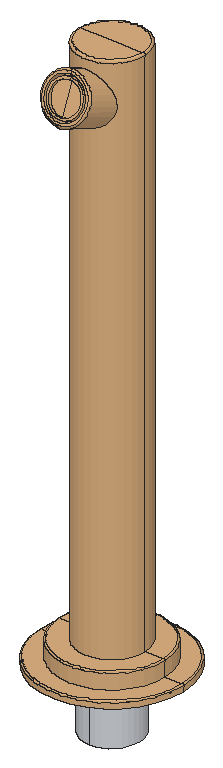
Revit family "Reece_Tap_Sussex_Scala_Wall Bath Outlet", category Plumbing Fixtures, host Face, Revit 2018
Family settings
  Host = Face
  Round Connector Dimension = Use Diameter
  Part Type = Normal
  Cut with Voids When Loaded = No
  Shared = Yes
  Room Calculation Point = Yes
Parameters (values of type "200 mm_Living Tumbled Brass")
  WFU = 0  # constant formula
  URL = "https://www.reece.com.au/product/-2263159"
  Type Comments = "Shower"
  Reece_Tap_Reach = 200 mm
  Reece_Tap_Inlet = 12.5 mm  # constant formula
  Reece_Backplate_Spout_Thickness = 8.5 mm  # constant formula
  Reece_Product_Web Page = "https://www.reece.com.au/product/-2263159"
  Reece_Product_Type = "Tap"  # constant formula
  Reece_Product_Sub Brand = "Scala"  # constant formula
  Reece_Product_Number = "2263159"
  Reece_Product_Mount = "Wall Mounted"  # constant formula
  Reece_Product_Description = "Sussex Scala Bath Wall Outlet 200mm Living Tumbled Brass"
  Reece_Product_Brand = "Sussex"  # constant formula
  Reece_Overall_Projection = 210 mm
  Reece_Material_Main = Reece_Brass_Living Tumbled
  Reece_Detail_Type = "Wall Bath Outlet"  # constant formula
  Reece_Detail_Installation = ""
  Reece_Detail_Connector = ""
  Model = "Scala"
  Manufacturer = "Sussex"
  Keynote = "Product #2263159, Reece_Tap_Sussex_Scala_Wall Bath Outlet - Living Tumbled Brass"
  HWFU = 0  # constant formula
  Disclaimer = "THIS FILE IS THE PROPERTY OF THE REECE GROUP. IT MAY NOT BE REPRODUCED, REVERSE-ENGINEERED OR MODIFIED. ANY REPUBLICATION, TRANSMISSION OR DISTRIBUTION FOR THE PURPOSE OF COMMERCIALLY EXPLOITING THE FILES IS PROHIBITED."
  Description = "Sussex Scala Bath Wall Outlet 200mm Living Tumbled Brass"
  Default Elevation = 1000 mm
  CWFU = 0  # constant formula
Types (18, lengths in mm): name | URL | Reece_Tap_Reach | Reece_Product_Web Page | Reece_Product_Number | Reece_Product_Description | Reece_Overall_Projection | Reece_Material_Main | Keynote | Description
  160 mm_Brushed Gunmetal | "https://www.reece.com.au/product/-2263162" | 160 | "https://www.reece.com.au/product/-2263162" | "2263162" | "Sussex Scala Bath Wall Outlet 160mm Brushed Gunmetal" | 170 | Reece_Brass_Brushed Gunmetal | "Product #2263162, Reece_Tap_Sussex_Scala_Wall Bath Outlet - Brushed Gunmetal" | "Sussex Scala Bath Wall Outlet 160mm Brushed Gunmetal"
  160 mm_Brushed Nickel | "https://www.reece.com.au/product/-2263263" | 160 | "https://www.reece.com.au/product/-2263263" | "2263263" | "Sussex Scala Bath Wall Outlet 160mm Brushed Nickel" | 170 | Reece_Brass_Brushed Nickel | "Product #2263263, Reece_Tap_Sussex_Scala_Wall Bath Outlet - Brushed Nickel" | "Sussex Scala Bath Wall Outlet 160mm Brushed Nickel"
  160 mm_Chrome | "https://www.reece.com.au/product/-2261607" | 160 | "https://www.reece.com.au/product/-2261607" | "2261607" | "Sussex Scala Bath Wall Outlet 160mm Chrome" | 170 | Reece_Brass_Chrome | "Product #2261607, Reece_Tap_Sussex_Scala_Wall Bath Outlet - Chrome" | "Sussex Scala Bath Wall Outlet 160mm Chrome"
  160 mm_Living Tumbled Brass | "https://www.reece.com.au/product/-2263165" | 160 | "https://www.reece.com.au/product/-2263165" | "2263165" | "Sussex Scala Bath Wall Outlet 160mm Living Tumbled Brass" | 170 | Reece_Brass_Living Tumbled | "Product #2263165, Reece_Tap_Sussex_Scala_Wall Bath Outlet - Living Tumbled Brass" | "Sussex Scala Bath Wall Outlet 160mm Living Tumbled Brass"
  160 mm_PVD Brushed Platinum Gold | "https://www.reece.com.au/product/-2268317" | 160 | "https://www.reece.com.au/product/-2268317" | "2268317" | "Sussex Scala Bath Wall Outlet 160mm LUX PVD Brushed Platinum Gold" | 170 | Reece_PVD_Brushed_Platinum Gold | "Product #2268317, Reece_Tap_Sussex_Scala_Wall Bath Outlet - PVD Brushed Platinum Gold" | "Sussex Scala Bath Wall Outlet 160mm LUX PVD Brushed Platinum Gold"
  160 mm_Matte Black | "https://www.reece.com.au/product/-2263163" | 160 | "https://www.reece.com.au/product/-2263163" | "2263163" | "Sussex Scala Bath Wall Outlet 160mm Matte Black" | 170 | Reece_Brass_Matte Black | "Product #2263163, Reece_Tap_Sussex_Scala_Wall Bath Outlet - Matte Black" | "Sussex Scala Bath Wall Outlet 160mm Matte Black"
  160 mm_Satin Chrome | "https://www.reece.com.au/product/-2261652" | 160 | "https://www.reece.com.au/product/-2261652" | "2261652" | "Sussex Scala Bath Wall Outlet 160mm Satin Chrome" | 170 | Reece_Brass_Satin Chrome | "Product #2261652, Reece_Tap_Sussex_Scala_Wall Bath Outlet - Satin Chrome" | "Sussex Scala Bath Wall Outlet 160mm Satin Chrome"
  200 mm_Brushed Gunmetal | "https://www.reece.com.au/product/-2263156" | 200 | "https://www.reece.com.au/product/-2263156" | "2263156" | "Sussex Scala Bath Wall Outlet 200mm Brushed Gunmetal" | 210 | Reece_Brass_Brushed Gunmetal | "Product #2263156, Reece_Tap_Sussex_Scala_Wall Bath Outlet - Brushed Gunmetal" | "Sussex Scala Bath Wall Outlet 200mm Brushed Gunmetal"
  200 mm_Chrome | "https://www.reece.com.au/product/-2261430" | 200 | "https://www.reece.com.au/product/-2261430" | "2261430" | "Sussex Scala Bath Wall Outlet 200mm Chrome" | 210 | Reece_Brass_Chrome | "Product #2261430, Reece_Tap_Sussex_Scala_Wall Bath Outlet - Chrome" | "Sussex Scala Bath Wall Outlet 200mm Chrome"
  200 mm_Living Tumbled Brass | "https://www.reece.com.au/product/-2263159" | 200 | "https://www.reece.com.au/product/-2263159" | "2263159" | "Sussex Scala Bath Wall Outlet 200mm Living Tumbled Brass" | 210 | Reece_Brass_Living Tumbled | "Product #2263159, Reece_Tap_Sussex_Scala_Wall Bath Outlet - Living Tumbled Brass" | "Sussex Scala Bath Wall Outlet 200mm Living Tumbled Brass"
  200 mm_PVD Brushed Platinum Gold | "https://www.reece.com.au/product/-2268318" | 200 | "https://www.reece.com.au/product/-2268318" | "2268318" | "Sussex Scala Bath Wall Outlet 200mm LUX PVD Brushed Platinum Gold" | 210 | Reece_PVD_Brushed_Platinum Gold | "Product #2268318, Reece_Tap_Sussex_Scala_Wall Bath Outlet - PVD Brushed Platinum Gold" | "Sussex Scala Bath Wall Outlet 200mm LUX PVD Brushed Platinum Gold"
  200 mm_Matte Black | "https://www.reece.com.au/product/-2263157" | 200 | "https://www.reece.com.au/product/-2263157" | "2263157" | "Sussex Scala Bath Wall Outlet 200mm Matte Black" | 210 | Reece_Brass_Matte Black | "Product #2263157, Reece_Tap_Sussex_Scala_Wall Bath Outlet - Matte Black" | "Sussex Scala Bath Wall Outlet 200mm Matte Black"
  200 mm_Satin Chrome | "https://www.reece.com.au/product/-2261475" | 200 | "https://www.reece.com.au/product/-2261475" | "2261475" | "Sussex Scala Bath Wall Outlet 200mm Satin Chrome" | 210 | Reece_Brass_Satin Chrome | "Product #2261475, Reece_Tap_Sussex_Scala_Wall Bath Outlet - Satin Chrome" | "Sussex Scala Bath Wall Outlet 200mm Satin Chrome"
  250 mm_Brushed Nickel | "https://www.reece.com.au/product/-2263257" | 250 | "https://www.reece.com.au/product/-2263257" | "2263257" | "Sussex Scala Bath Wall Outlet 250mm Brushed Nickel" | 260 | Reece_Brass_Brushed Nickel | "Product #2263257, Reece_Tap_Sussex_Scala_Wall Bath Outlet - Brushed Nickel" | "Sussex Scala Bath Wall Outlet 250mm Brushed Nickel"
  250 mm_Chrome | "https://www.reece.com.au/product/-2261431" | 250 | "https://www.reece.com.au/product/-2261431" | "2261431" | "Sussex Scala Bath Wall Outlet 250mm Chrome" | 260 | Reece_Brass_Chrome | "Product #2261431, Reece_Tap_Sussex_Scala_Wall Bath Outlet - Chrome" | "Sussex Scala Bath Wall Outlet 250mm Chrome"
  250 mm_PVD Brushed Platinum Gold | "https://www.reece.com.au/product/-2268319" | 250 | "https://www.reece.com.au/product/-2268319" | "2268319" | "Sussex Scala Bath Wall Outlet 250mm LUX PVD Brushed Platinum Gold" | 260 | Reece_PVD_Brushed_Platinum Gold | "Product #2268319, Reece_Tap_Sussex_Scala_Wall Bath Outlet - PVD Brushed Platinum Gold" | "Sussex Scala Bath Wall Outlet 250mm LUX PVD Brushed Platinum Gold"
  250 mm_Satin Chrome | "https://www.reece.com.au/product/-2261476" | 250 | "https://www.reece.com.au/product/-2261476" | "2261476" | "Sussex Scala Bath Wall Outlet 250mm Satin Chrome" | 260 | Reece_Brass_Satin Chrome | "Product #2261476, Reece_Tap_Sussex_Scala_Wall Bath Outlet - Satin Chrome" | "Sussex Scala Bath Wall Outlet 250mm Satin Chrome"
  200 mm_Brushed Nickel | "https://www.reece.com.au/product/-2263256" | 200 | "https://www.reece.com.au/product/-2263256" | "2263256" | "Sussex Scala Bath Wall Outlet 200mm Brushed Nickel" | 210 | Reece_Brass_Brushed Nickel | "Product #2263256, Reece_Tap_Sussex_Scala_Wall Bath Outlet - Brushed Nickel" | "Sussex Scala Bath Wall Outlet 200mm Brushed Nickel"
Reference planes
  plane 1 "Center (Front/Back)": y = 0
  plane 2 "Bottom": z = 0
  plane 3 "Center (Left/Right)": x = 0
  plane 4 "Top": z = 210
  plane 5: z = 200
Forms (mm)
  Revolve 1, solid
    sketch origin (0.015, 0, 8.41) x (0, 1, 0) y (0, 0, 1)
      loop
        line (0, 0) -> (0, -31.025) -> (10.5, -31.025) -> (10.5, -16.87) -> (8.841, -15.708) -> (8.841, -14.208) -> (10.5, -13.046) -> (8.81, -11.863) -> (8.81, -10.363) -> (10.5, -9.179) -> (8.841, -8.018) -> (8.841, -6.518) -> (10.5, -5.356) -> (8.81, -4.173) -> (8.81, -3.183) -> (10.5, -2) -> (10.5, 0) -> (0, 0)
      axis (0, 0) -> (0, -31.025)
    angle from 0 to 360
  Extrusion 2, void
    sketch origin (0, 0, 0) x (1, 0, 0) y (0, 1, 0)
      loop
        circle (0, 0) r 14
    from 0 to -22.615
Text (mm)
  text "Reece Copyright © 2018, Reece Ltd." at (-262.601, -208.779, 0), in view "Ref. Level"
  text "Reece ©" at (44.384, 258.95, 192.345), in view "Reece Preview"
Dimensions and locks
  "Reece_Overall_Projection": plane 4 "Top" to plane 2 "Bottom"
  locked: plane 4 "Top" to plane 5 at 10
  "Reece_Tap_Reach": plane 5 to plane 2 "Bottom"
  plane 4 "Top" to plane 2 "Bottom" = 210 mm
  plane 5 to plane 2 "Bottom" = 200 mm
  nested 1 to nested 1 = 25.029 mm  (x2)
  nested 1 to nested 1 = 54 mm
  nested 1 to plane 1 "Center (Front/Back)" = 22 mm
  plane 2 "Bottom" to plane 4 "Top" = 210 mm
  plane 2 "Bottom" to plane 5 = 200 mm
  aligned and locked: plane 2 "Bottom" to host face
  aligned and locked: level to host face
  aligned and locked: nested 1 to plane 4 "Top"
  aligned and locked: plane 5 to nested 1
Automatic sketch dimensions
  host sketch curve to host sketch curve = 380.785 mm
  host sketch curve to host sketch curve = 317.421 mm
  Revolve 1 sketch curve to plane 1 "Center (Front/Back)" = 0 mm  (x2)
  Revolve 1 sketch curve to plane 1 "Center (Front/Back)" = 8.81 mm
  level to Revolve 1 sketch curve = 4.238 mm
  Revolve 1 sketch curve to Revolve 1 sketch curve = 0 mm
  Revolve 1 sketch curve to Revolve 1 sketch curve = 0.031 mm  (x2)
  level to Revolve 1 sketch curve = 1.892 mm
  Revolve 1 sketch curve to level = 0.769 mm
  Revolve 1 sketch curve to Revolve 1 sketch curve = 1.659 mm  (x3)
  level to Revolve 1 sketch curve = 3.054 mm
  level to Revolve 1 sketch curve = 6.41 mm
  Revolve 1 sketch curve to Revolve 1 sketch curve = 1.69 mm
  Revolve 1 sketch curve to Revolve 1 sketch curve = 10.5 mm
  Revolve 1 sketch curve to Revolve 1 sketch curve = 1.183 mm  (x2)
  Revolve 1 sketch curve to Revolve 1 sketch curve = 1.5 mm  (x3)
  Revolve 1 sketch curve to Revolve 1 sketch curve = 1.162 mm  (x2)
  Revolve 1 sketch curve to Revolve 1 sketch curve = 14.155 mm
  Revolve 1 sketch curve to Revolve 1 sketch curve = 0.989 mm
  level to Revolve 1 sketch curve = 8.41 mm
  Revolve 1 sketch curve to Revolve 1 sketch curve = 6.287 mm
  Revolve 1 sketch curve to Revolve 1 sketch curve = 22.688 mm
  plane 1 "Center (Front/Back)" to Extrusion 2 sketch curve = 0 mm
  Extrusion 2 sketch curve to plane 3 "Center (Left/Right)" = 0 mm
  radius of Extrusion 2 sketch curve = 14 mm
Nested families
  nested 1: "Reece_Tap_Sussex_Scala_Outlet_Nested" at (0, 0, -1.156), Reece_Material_Main <- "Reece_Material_Main", Reece_Overall_Projection <- "Reece_Overall_Projection", Reece_Tap_Reach <- "Reece_Tap_Reach", Reece_Backplate_Spout_Thickness <- "Reece_Backplate_Spout_Thickness", type "Reece_Tap_Sussex_Scala_Outlet_Nested"
    with Reece_Tap_Reach 200 mm, Reece_Overall_Projection 210 mm, Reece_Material_Main Reece_Brass_Living Tumbled, Reece_Backplate_Spout_Thickness 8.5 mm
Connectors
  piping at (0.015, 0, -22.615), diameter 12.5, driven by "Reece_Tap_Inlet"
    settings: on Revolve 1, index 1, connector inside diameter 609.6 mm, connector length 0 mm, flow factor 0, pipe flow 0.0 L/s, pressure drop 0.0 Pa, fitting loss kfactor 0, connector angle 0.00°, fixture units 0, engagement length 0 mm, angle of deflection 0.00°, flow configuration 0, flow direction 1, fitting loss method 0, system type 29, joint type 0, gender type 0, connector reference index -1, connector utility 0, adjustable connector no, is connector primary yes, connector description ""
Definition of nested family "Reece_Tap_Sussex_Scala_Outlet_Nested"
  Parameters (values of type "Reece_Tap_Sussex_Scala_Outlet_Nested")
    Waste Connection = no
    WFU = 0
    Vent Connection = no
    URL = ""
    Type Comments = ""
    Reece_Tap_Reach [instance] = 160 mm
    Reece_Backplate_Spout_Thickness [instance] = 9.3 mm
    Reece_Overall_Projection [instance] = 170 mm
    Reece_Material_Main [instance] = none
    Model = ""
    Manufacturer = ""
    Keynote = ""
    HWFU = 0
    HW Connection = no
    Description = ""
    Default Elevation = 0 mm
    Cost = 0
    CWFU = 0
    CW Connection = no
    Assembly Code = ""
  Reference planes
    plane 1 "Center (Front/Back)": y = 0
    plane 2 "Bottom": z = 1.156
    plane 3 "Center (Left/Right)": x = 0
    plane 4: x = -83
    plane 5: x = 83
    plane 6: x = 142.5
    plane 7: z = 161.156
    plane 8: y = 27
    plane 9: y = -27
    plane 10: x = 63
    plane 11: x = 103
    plane 12: z = 171.156
    plane 13: y = -22
    plane 14: x = -12.515
    plane 15: x = 12.515
    plane 16: z = 10.456
  Forms (mm)
    Extrusion 1, solid
      sketch origin (619.2, -619.2, 0) x (1, 0, 0) y (0, 1, 0)
        loop
          line (-809.2, 744.2) -> (-809.2, 511.85) -> (-428.415, 511.85) -> (-428.415, 744.2) -> (-809.2, 744.2)
      from 1.156 to -9.564
    Revolve 2, solid, material <- "Reece_Material_Main"
      sketch origin (0, 0, 0) x (1, 0, 0) y (0, 0, 1)
        loop
          arc (12.5, 170.356) -> (12.266, 170.921) -> (11.7, 171.156) r 0.8
          line (11.7, 171.156) -> (0, 171.156) -> (0, 10.456) -> (12.5, 10.456) -> (12.5, 170.356)
        axis (0, 171.156) -> (0, 10.456)
      angle from 0 to 360
    Revolve 3, solid, material <- "Reece_Material_Main"
      sketch origin (0, -265.32, 38.762) x (0, -0.374607, -0.927184) y (0, 0.927184, -0.374607)
        loop
          line (-212.131, 179.752) -> (-212.131, 183.683) -> (-211.331, 183.683) -> (-211.331, 179.752) -> (-210.502, 179.752) -> (-210.502, 180.591) -> (-204.631, 180.591) -> (-204.631, 202.429) -> (-213.631, 202.429) -> (-213.631, 180.33)
          arc (-213.631, 180.33) -> (-213.462, 179.922) -> (-213.053, 179.752) r 0.578
          line (-213.053, 179.752) -> (-212.131, 179.752)
        axis (-204.631, 202.429) -> (-204.631, 179.752)
      angle from 0 to 360
    Revolve 4, solid, material <- "Reece_Material_Main"
      sketch origin (0, 0, 0) x (1, 0, 0) y (0, 0, 1)
        loop
          line (27, 1.156) -> (27, 3.144)
          arc (27, 3.144) -> (26.85, 3.506) -> (26.488, 3.656) r 0.512
          line (26.488, 3.656) -> (20, 3.656) -> (20, 9.156)
          arc (20, 9.156) -> (19.853, 9.509) -> (19.5, 9.656) r 0.5
          line (19.5, 9.656) -> (11.2, 9.656) -> (11.2, 10.501) -> (0, 10.501) -> (0, 1.156) -> (27, 1.156)
        axis (0, 10.501) -> (0, 1.156)
      angle from 0 to 360
  Cuts and joins
    joined: Revolve 2, Revolve 3
  Text (mm)
    text "Reece Copyright © 2018, Reece Ltd." at (-306.098, -56.836, 0), in view "Ref. Level"
    text "Reece ©" at (44.384, 258.95, 192.345), in view "Reece Preview"
  Dimensions and locks
    plane 4 to plane 5 = 166 mm
    plane 9 to plane 8 = 54 mm
    plane 10 to plane 11 = 40 mm
    plane 12 to plane 7 to plane 2 "Bottom" = 10 mm, 160 mm
    "Reece_Tap_Reach": plane 7 to plane 2 "Bottom"
    plane 2 "Bottom" to plane 12 = 170 mm  (x2)
    plane 7 to plane 12 = 10 mm
    plane 12 to plane 7 = 10 mm
    plane 1 "Center (Front/Back)" to plane 13 = 22 mm
    plane 14 to plane 15 = 25.029 mm
    equal spacing: plane 4, plane 3 "Center (Left/Right)", plane 5
    plane 8 to plane 9 = 54 mm
    "Reece_Overall_Projection": plane 2 "Bottom" to plane 12
    "Reece_Backplate_Spout_Thickness": plane 16 to plane 2 "Bottom"
    aligned and locked: plane 2 "Bottom" to Extrusion 1
    aligned and locked: plane 12 to Revolve 2 sketch curve
    aligned and locked: plane 16 to cut or joined group of Revolve 2, Revolve 3
  Automatic sketch dimensions
    Extrusion 1 sketch curve to Extrusion 1 sketch curve = 380.785 mm
    Extrusion 1 sketch curve to Extrusion 1 sketch curve = 232.35 mm
    plane 7 to Revolve 3 sketch curve = 0.15 mm
    Revolve 3 sketch curve to plane 1 "Center (Front/Back)" = 2.397 mm
    Revolve 3 sketch curve to Revolve 3 sketch curve = 0.578 mm
    Revolve 3 sketch curve to Revolve 3 sketch curve = 0.922 mm
    Revolve 3 sketch curve to Revolve 3 sketch curve = 0.8 mm
    Revolve 3 sketch curve to Revolve 3 sketch curve = 0.829 mm
    Revolve 3 sketch curve to Revolve 3 sketch curve = 5.871 mm
    Revolve 3 sketch curve to Revolve 3 sketch curve = 18.746 mm
    Revolve 3 sketch curve to Revolve 3 sketch curve = 3.092 mm
    Revolve 3 sketch curve to Revolve 3 sketch curve = 0.261 mm
    Revolve 3 sketch curve to Revolve 3 sketch curve = 0 mm  (x2)
    Revolve 3 sketch curve to Revolve 3 sketch curve = 8.179 mm
    Revolve 3 sketch curve to Revolve 3 sketch curve = 8.71 mm
    Revolve 2 sketch curve to plane 3 "Center (Left/Right)" = 0 mm  (x2)
    Revolve 2 sketch curve to plane 15 = 0.815 mm
    Revolve 2 sketch curve to plane 15 = 0.015 mm
    Revolve 2 sketch curve to level = 7.912 mm
    Revolve 4 sketch curve to plane 3 "Center (Left/Right)" = 0 mm  (x2)
    Revolve 4 sketch curve to plane 2 "Bottom" = 0 mm
    Revolve 4 sketch curve to plane 15 = 1.315 mm
    plane 15 to Revolve 4 sketch curve = 6.985 mm
    plane 2 "Bottom" to Revolve 4 sketch curve = 2.5 mm
    Revolve 4 sketch curve to Revolve 4 sketch curve = 0.5 mm
    plane 2 "Bottom" to Revolve 4 sketch curve = 1.988 mm
    Revolve 4 sketch curve to Revolve 4 sketch curve = 6.488 mm
    Revolve 4 sketch curve to level = 7.912 mm
    plane 2 "Bottom" to Revolve 2 sketch curve = 9.3 mm
    Revolve 2 sketch curve to Revolve 2 sketch curve = 1.755 mm
    Revolve 4 sketch curve to Revolve 4 sketch curve = 5.5 mm
    Revolve 4 sketch curve to Revolve 4 sketch curve = 9.345 mm
    Revolve 4 sketch curve to Revolve 4 sketch curve = 1.8 mm
